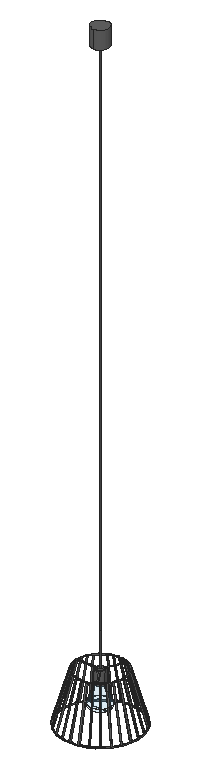
Revit family "Justerbar Lab Pendle_Kolbe_Cage", category Lighting Fixtures, Revit 2021
Family settings
  Round Connector Dimension = Use Diameter
  Part Type = Normal
  OmniClass Number = 23.80.70.00
  OmniClass Title = Lighting
  Work Plane-Based = No
  Always vertical = Yes
  Cut with Voids When Loaded = No
  Light Source = Yes
  Shared = No
  Room Calculation Point = No
Parameters
  Wattage = 9.2903 W
  built-in parameter 1150110 = 1 (stored number, unit not read)
  built-in parameter 1114217 = 1 (stored number, unit not read)
  built-in parameter 1150109 = 1 (stored number, unit not read)
  built-in parameter 1150134 = (empty or 0)
  built-in parameter 1150113 = 1 (stored number, unit not read)
  Spredning = "120"
  MacAdams = "< 3 SCDM"
  Lyskilde = "LED"
  Lumens = 1380 lm
  built-in parameter 1150115 = 1 (stored number, unit not read)
  built-in parameter 1150105 = 109.82 (stored number, unit not read)
  Lumen = "660lm"
  Light Source Symbol Size = 609.6 mm
  built-in parameter 1150137 = (empty or 0)
  built-in parameter 1150139 = (empty or 0)
  Levetid = "L70 50.000 timer"
  Level Heigth [instance] = 5000 mm
  built-in parameter 1150112 = 1 (stored number, unit not read)
  built-in parameter 1150114 = 1 (stored number, unit not read)
  Kjøle metode = "Passiv"
  built-in parameter 1150132 = 2
  built-in parameter 1150102 = (empty or 0)
  built-in parameter 1150138 = (empty or 0)
  built-in parameter 1150107 = 3000 (stored number, unit not read)
  built-in parameter 1150106 = 1.0982 (stored number, unit not read)
  Frekvens Sekundærkilde = "1000 Hz"
  Frekvens = "50-60 Hz"
  Floor thickness [instance] = 250 mm
  Fargetemperatur = "2700K, 3000K,eller DW"
  Farger = "Sort"
  built-in parameter 1150104 = 13.8 (stored number, unit not read)
  Effekt = "6W"
  Driftspenning = "220-240V"
  Dist.floor [instance] = 1500 mm
  Dimming Lamp Color Temperature Shift = <None>
  Dimbar = "Dali eller Triac"
  Default Elevation = 0 mm
  Color Filter = 16777215
  CRI = ">90"
  Beskyttelsesgrad = "IP20"
  built-in parameter 1114218 = 1 (stored number, unit not read)
  built-in parameter 1150133 = 10 (stored number, unit not read)
Reference planes
  plane 1 "Light Source Axis (F/B)": y = 0
  plane 2: z = 0
  plane 3 "Light Source Axis (L/R)": x = 0
  plane 4 "Light Source Elevation": z = 753.792
  plane 5: z = 5000
  plane 6: z = 1941
  plane 7: z = 4750
  plane 8: z = 4660
  plane 9: z = 4653
  plane 10: z = 1600
  plane 11: z = 1500
Forms (mm)
  Extrusion 1, solid, material "Default New Material"
    sketch origin (0, 0, 620.212) x (0, 1, 0) y (-1, 0, 0)
      loop
        circle (0, 0) r 42.5
    from 4039.788 to 4129.788
  Extrusion 2, solid, material "Default New Material"
    sketch origin (0, 0, 620.212) x (0, 1, 0) y (-1, 0, 0)
      loop
        circle (0, 0) r 6
    from 4032.788 to 4039.788
  Extrusion 3, solid, material "Default New Material"
    sketch origin (0, 0, 620.212) x (0, 1, 0) y (-1, 0, 0)
      loop
        circle (0, 0) r 2.031
    from 1320.788 to 4032.788
Dimensions and locks
  "Floor thickness": plane 5 to plane 7
  locked: plane 7 to plane 8 at 90
  locked: plane 8 to plane 9 at 7
  locked: plane 6 to plane 10 at 341
  "Level Heigth": plane 5 to plane 2
  locked: plane 10 to plane 11 at 100
  "Dist.floor": plane 11 to plane 2
  aligned and locked: plane 3 "Light Source Axis (L/R)" to imposter light
  aligned and locked: plane 1 "Light Source Axis (F/B)" to imposter light
  aligned and locked: level to plane 2
  aligned and locked: plane 7 to Extrusion 1
  aligned and locked: plane 8 to Extrusion 1
  aligned and locked: plane 9 to Extrusion 2
  aligned and locked: plane 8 to Extrusion 2
  aligned and locked: plane 6 to nested 2
  aligned and locked: Extrusion 3 to plane 6
  aligned and locked: plane 9 to Extrusion 3
  aligned and locked: nested 3 to nested 2
  aligned and locked: plane 10 to imposter light
  aligned and locked: imposter light to nested 2
  aligned and locked: plane 11 to nested 3
Automatic sketch dimensions
  plane 1 "Light Source Axis (F/B)" to Extrusion 1 sketch curve = 0 mm
  Extrusion 1 sketch curve to plane 3 "Light Source Axis (L/R)" = 0 mm
  plane 1 "Light Source Axis (F/B)" to Extrusion 2 sketch curve = 0 mm
  Extrusion 2 sketch curve to plane 3 "Light Source Axis (L/R)" = 0 mm
  plane 1 "Light Source Axis (F/B)" to Extrusion 3 sketch curve = 0 mm
  Extrusion 3 sketch curve to plane 3 "Light Source Axis (L/R)" = 0 mm
  radius of Extrusion 1 sketch curve = 42.5 mm
  radius of Extrusion 2 sketch curve = 6 mm
  radius of Extrusion 3 sketch curve = 2.031 mm
Nested families
  nested 1: "2D tegn" at (0, 0, 0), type "2D tegn"
  nested 2: "Family1" at (0, 0, 100), type "Family1"
  nested 3: "Family2" at (0, 0, 2192), type "Family2"
Definition of nested family "Family1"
  Parameters
    Wattage = 9.2903 W
    built-in parameter 1150110 = 1 (stored number, unit not read)
    built-in parameter 1114217 = 1 (stored number, unit not read)
    built-in parameter 1150109 = 1 (stored number, unit not read)
    built-in parameter 1150134 = (empty or 0)
    built-in parameter 1150113 = 1 (stored number, unit not read)
    Lumens = 1380 lm
    built-in parameter 1150115 = 1 (stored number, unit not read)
    built-in parameter 1150105 = 109.82 (stored number, unit not read)
    Light Source Symbol Size = 609.6 mm
    built-in parameter 1150137 = (empty or 0)
    built-in parameter 1150139 = (empty or 0)
    built-in parameter 1150112 = 1 (stored number, unit not read)
    built-in parameter 1150114 = 1 (stored number, unit not read)
    built-in parameter 1150132 = 2
    built-in parameter 1150102 = (empty or 0)
    built-in parameter 1150138 = (empty or 0)
    built-in parameter 1150107 = 3000 (stored number, unit not read)
    built-in parameter 1150106 = 1.0982 (stored number, unit not read)
    built-in parameter 1150104 = 13.8 (stored number, unit not read)
    Dimming Lamp Color Temperature Shift = (empty or 0)
    Default Elevation = 0 mm
    Color Filter = 16777215
    built-in parameter 1114218 = 1 (stored number, unit not read)
    built-in parameter 1150133 = 10 (stored number, unit not read)
  Reference planes
    plane 1 "Light Source Axis (F/B)": y = 0
    plane 2: z = 0
    plane 3 "Light Source Axis (L/R)": x = 0
    plane 4 "Light Source Elevation": z = 1500
    plane 5: z = 1499.864
  Forms (mm)
    Extrusion 1, solid
      sketch origin (0, 0, 2092) x (0, 1, 0) y (-1, 0, 0)
        loop
          circle (0, 0) r 3.032
      from -428 to -251
    Extrusion 2, solid
      sketch origin (0, 0, 2092) x (0, 1, 0) y (-1, 0, 0)
        loop
          circle (0, 0) r 15
      from -435 to -428
    Revolve 3, solid
      sketch origin (0, 0, -1908) x (1, 0, 0) y (0, 0, 1)
        loop
          line (25, 3565) -> (21.832, 3565) -> (0, 3565) -> (0, 3533.682) -> (21.832, 3533.682) -> (21.832, 3499) -> (25, 3499) -> (25, 3565)
        axis (0, 3499) -> (0, 3565)
      angle from 0 to 360
    Revolve 4, solid
      sketch origin (0, 0, -1908) x (1, 0, 0) y (0, 0, 1)
        loop
          line (0, 3532.984) -> (0, 3498.964) -> (21.729, 3498.964) -> (21.729, 3532.984) -> (0, 3532.984)
        axis (0, 3498.964) -> (0, 3532.984)
      angle from 0 to 360
    Revolve 5, solid
      sketch origin (0, 0, -1908) x (1, 0, 0) y (0, 0, 1)
        loop
          spline (0, 3380) -> (9.759, 3379.792) -> (18.614, 3380.047) -> (26.567, 3380.763) -> (33.616, 3381.941) -> (39.762, 3383.582) -> (45.006, 3385.684) -> (49.346, 3388.248) -> (52.783, 3391.275) -> (55.317, 3394.763) -> (56.948, 3398.713) -> (57.675, 3403.126) -> (57.5, 3408)
          line (57.5, 3408) -> (21.729, 3499) -> (20.655, 3499) -> (56.479, 3407.864)
          spline (56.479, 3407.864) -> (56.652, 3403.176) -> (55.962, 3398.977) -> (54.415, 3395.235) -> (52.01, 3391.922) -> (48.726, 3389.033) -> (44.536, 3386.564) -> (39.419, 3384.517) -> (33.373, 3382.903) -> (26.405, 3381.735) -> (18.518, 3381.024) -> (9.716, 3380.771) -> (0, 3380.979)
          line (0, 3380.979) -> (0, 3380)
        axis (0, 3380) -> (0, 3499)
      angle from 0 to 360
  Dimensions and locks
    locked: Revolve 5 sketch curve to Revolve 5 sketch curve at 63.955
    locked: Revolve 5 sketch curve to Revolve 5 sketch curve at 120.968
    aligned and locked: plane 3 "Light Source Axis (L/R)" to imposter light
    aligned and locked: plane 1 "Light Source Axis (F/B)" to imposter light
    aligned and locked: plane 4 "Light Source Elevation" to imposter light
    aligned and locked: level to plane 2
    aligned and locked: plane 5 to Revolve 5
    aligned and locked: Extrusion 1 to Extrusion 2
    aligned and locked: Extrusion 2 to Revolve 3
    aligned and locked: Revolve 3 to Revolve 5 sketch curve
Definition of nested family "Family2"
  Parameters
    Default Elevation = 0 mm
  Reference planes
    plane 1 "Center (Front/Back)": y = 0
    plane 2: z = 0
    plane 3 "Center (Left/Right)": x = 0
  Forms (mm)
    Extrusion 1, solid
      sketch origin (0, 0, -4007) x (1, 0, 0) y (0, 0, 1)
        loop
          line (199.714, 3319.224) -> (124.714, 3572) -> (121.195, 3572) -> (196.195, 3319.224) -> (199.714, 3319.224)
      from -2.416 to 2.821
    Revolve 2, solid
      sketch origin (0, 0, -4007) x (1, 0, 0) y (0, 0, 1)
        loop
          line (199.714, 3319.224) -> (196.181, 3319.224) -> (196.181, 3315) -> (199.714, 3315) -> (199.714, 3319.224)
        axis (0, 3315) -> (0, 3319.224)
      angle from 0 to 360
    Revolve 3, solid
      sketch origin (0, 0, -4007) x (1, 0, 0) y (0, 0, 1)
        loop
          line (124.714, 3572) -> (124.714, 3575) -> (121.21, 3575) -> (121.21, 3572) -> (124.714, 3572)
        axis (0, 3572) -> (0, 3575)
      angle from 0 to 360
    Extrusion 4, solid
      sketch origin (0, 0, -4007) x (-1, 0, 0) y (0, 0, 1)
        loop
          line (199.714, 3319.224) -> (124.714, 3572) -> (121.195, 3572) -> (196.195, 3319.224) -> (199.714, 3319.224)
      from -2.416 to 2.821
    Extrusion 5, solid
      sketch origin (0, 0, -4007) x (0.974928, -0.222521, 0) y (0, 0, 1)
        loop
          line (199.714, 3319.224) -> (124.714, 3572) -> (121.195, 3572) -> (196.195, 3319.224) -> (199.714, 3319.224)
      from -2.416 to 2.821
    Extrusion 6, solid
      sketch origin (0, 0, -4007) x (0.900969, -0.433884, 0) y (0, 0, 1)
        loop
          line (199.714, 3319.224) -> (124.714, 3572) -> (121.195, 3572) -> (196.195, 3319.224) -> (199.714, 3319.224)
      from -2.416 to 2.821
    Extrusion 7, solid
      sketch origin (0, 0, -4007) x (0.781831, -0.62349, 0) y (0, 0, 1)
        loop
          line (199.714, 3319.224) -> (124.714, 3572) -> (121.195, 3572) -> (196.195, 3319.224) -> (199.714, 3319.224)
      from -2.416 to 2.821
    Extrusion 8, solid
      sketch origin (0, 0, -4007) x (0.62349, -0.781831, 0) y (0, 0, 1)
        loop
          line (199.714, 3319.224) -> (124.714, 3572) -> (121.195, 3572) -> (196.195, 3319.224) -> (199.714, 3319.224)
      from -2.416 to 2.821
    Extrusion 9, solid
      sketch origin (0, 0, -4007) x (0.433884, -0.900969, 0) y (0, 0, 1)
        loop
          line (199.714, 3319.224) -> (124.714, 3572) -> (121.195, 3572) -> (196.195, 3319.224) -> (199.714, 3319.224)
      from -2.416 to 2.821
    Extrusion 10, solid
      sketch origin (0, 0, -4007) x (0.222521, -0.974928, 0) y (0, 0, 1)
        loop
          line (199.714, 3319.224) -> (124.714, 3572) -> (121.195, 3572) -> (196.195, 3319.224) -> (199.714, 3319.224)
      from -2.416 to 2.821
    Extrusion 11, solid
      sketch origin (0, 0, -4007) x (0, -1, 0) y (0, 0, 1)
        loop
          line (199.714, 3319.224) -> (124.714, 3572) -> (121.195, 3572) -> (196.195, 3319.224) -> (199.714, 3319.224)
      from -2.416 to 2.821
    Extrusion 12, solid
      sketch origin (0, 0, -4007) x (-0.222521, -0.974928, 0) y (0, 0, 1)
        loop
          line (199.714, 3319.224) -> (124.714, 3572) -> (121.195, 3572) -> (196.195, 3319.224) -> (199.714, 3319.224)
      from -2.416 to 2.821
    Extrusion 13, solid
      sketch origin (0, 0, -4007) x (-0.433884, -0.900969, 0) y (0, 0, 1)
        loop
          line (199.714, 3319.224) -> (124.714, 3572) -> (121.195, 3572) -> (196.195, 3319.224) -> (199.714, 3319.224)
      from -2.416 to 2.821
    Extrusion 14, solid
      sketch origin (0, 0, -4007) x (-0.62349, -0.781831, 0) y (0, 0, 1)
        loop
          line (199.714, 3319.224) -> (124.714, 3572) -> (121.195, 3572) -> (196.195, 3319.224) -> (199.714, 3319.224)
      from -2.416 to 2.821
    Extrusion 15, solid
      sketch origin (0, 0, -4007) x (-0.781831, -0.62349, 0) y (0, 0, 1)
        loop
          line (199.714, 3319.224) -> (124.714, 3572) -> (121.195, 3572) -> (196.195, 3319.224) -> (199.714, 3319.224)
      from -2.416 to 2.821
    Extrusion 16, solid
      sketch origin (0, 0, -4007) x (-0.900969, -0.433884, 0) y (0, 0, 1)
        loop
          line (199.714, 3319.224) -> (124.714, 3572) -> (121.195, 3572) -> (196.195, 3319.224) -> (199.714, 3319.224)
      from -2.416 to 2.821
    Extrusion 17, solid
      sketch origin (0, 0, -4007) x (-0.974928, -0.222521, 0) y (0, 0, 1)
        loop
          line (199.714, 3319.224) -> (124.714, 3572) -> (121.195, 3572) -> (196.195, 3319.224) -> (199.714, 3319.224)
      from -2.416 to 2.821
    Extrusion 18, solid
      sketch origin (0, 0, -4007) x (0.974928, 0.222521, 0) y (0, 0, -1)
        loop
          line (199.714, -3319.224) -> (196.195, -3319.224) -> (121.195, -3572) -> (124.714, -3572) -> (199.714, -3319.224)
      from -2.416 to 2.821
    Extrusion 19, solid
      sketch origin (0, 0, -4007) x (0.900969, 0.433884, 0) y (0, 0, -1)
        loop
          line (199.714, -3319.224) -> (196.195, -3319.224) -> (121.195, -3572) -> (124.714, -3572) -> (199.714, -3319.224)
      from -2.416 to 2.821
    Extrusion 20, solid
      sketch origin (0, 0, -4007) x (0.781831, 0.62349, 0) y (0, 0, -1)
        loop
          line (199.714, -3319.224) -> (196.195, -3319.224) -> (121.195, -3572) -> (124.714, -3572) -> (199.714, -3319.224)
      from -2.416 to 2.821
    Extrusion 21, solid
      sketch origin (0, 0, -4007) x (0.62349, 0.781831, 0) y (0, 0, -1)
        loop
          line (199.714, -3319.224) -> (196.195, -3319.224) -> (121.195, -3572) -> (124.714, -3572) -> (199.714, -3319.224)
      from -2.416 to 2.821
    Extrusion 22, solid
      sketch origin (0, 0, -4007) x (0.433884, 0.900969, 0) y (0, 0, -1)
        loop
          line (199.714, -3319.224) -> (196.195, -3319.224) -> (121.195, -3572) -> (124.714, -3572) -> (199.714, -3319.224)
      from -2.416 to 2.821
    Extrusion 23, solid
      sketch origin (0, 0, -4007) x (0.222521, 0.974928, 0) y (0, 0, -1)
        loop
          line (199.714, -3319.224) -> (196.195, -3319.224) -> (121.195, -3572) -> (124.714, -3572) -> (199.714, -3319.224)
      from -2.416 to 2.821
    Extrusion 24, solid
      sketch origin (0, 0, -4007) x (0, 1, 0) y (0, 0, -1)
        loop
          line (199.714, -3319.224) -> (196.195, -3319.224) -> (121.195, -3572) -> (124.714, -3572) -> (199.714, -3319.224)
      from -2.416 to 2.821
    Extrusion 25, solid
      sketch origin (0, 0, -4007) x (-0.222521, 0.974928, 0) y (0, 0, -1)
        loop
          line (199.714, -3319.224) -> (196.195, -3319.224) -> (121.195, -3572) -> (124.714, -3572) -> (199.714, -3319.224)
      from -2.416 to 2.821
    Extrusion 26, solid
      sketch origin (0, 0, -4007) x (-0.433884, 0.900969, 0) y (0, 0, -1)
        loop
          line (199.714, -3319.224) -> (196.195, -3319.224) -> (121.195, -3572) -> (124.714, -3572) -> (199.714, -3319.224)
      from -2.416 to 2.821
    Extrusion 27, solid
      sketch origin (0, 0, -4007) x (-0.62349, 0.781831, 0) y (0, 0, -1)
        loop
          line (199.714, -3319.224) -> (196.195, -3319.224) -> (121.195, -3572) -> (124.714, -3572) -> (199.714, -3319.224)
      from -2.416 to 2.821
    Extrusion 28, solid
      sketch origin (0, 0, -4007) x (-0.781831, 0.62349, 0) y (0, 0, -1)
        loop
          line (199.714, -3319.224) -> (196.195, -3319.224) -> (121.195, -3572) -> (124.714, -3572) -> (199.714, -3319.224)
      from -2.416 to 2.821
    Extrusion 29, solid
      sketch origin (0, 0, -4007) x (-0.900969, 0.433884, 0) y (0, 0, -1)
        loop
          line (199.714, -3319.224) -> (196.195, -3319.224) -> (121.195, -3572) -> (124.714, -3572) -> (199.714, -3319.224)
      from -2.416 to 2.821
    Extrusion 30, solid
      sketch origin (0, 0, -4007) x (-0.974928, 0.222521, 0) y (0, 0, -1)
        loop
          line (199.714, -3319.224) -> (196.195, -3319.224) -> (121.195, -3572) -> (124.714, -3572) -> (199.714, -3319.224)
      from -2.416 to 2.821
    Revolve 31, solid
      sketch origin (0, 0, -4000) x (1, 0, 0) y (0, 0, 1)
        loop
          line (15.569, 3568) -> (15.569, 3565) -> (20.535, 3565) -> (20.535, 3568) -> (15.569, 3568)
        axis (0, 3565) -> (0, 3568)
      angle from 0 to 360
    Extrusion 32, solid
      sketch origin (0, 0, 0) x (0, 1, 0) y (-1, 0, 0)
        loop
          arc (2.821, 121.1) -> (0.321, 121.21) -> (-2.179, 121.124) r 31.898
          line (-2.179, 121.124) -> (-2.179, 20.419)
          arc (-2.179, 20.419) -> (0.323, 20.533) -> (2.821, 20.341) r 20.535
          line (2.821, 20.341) -> (2.821, 121.1)
      from -435 to -432.376
    Extrusion 33, solid
      sketch origin (0, 0, 0) x (0.90102, -0.433778, 0) y (0.433778, 0.90102, 0)
        loop
          arc (2.821, 121.1) -> (0.321, 121.21) -> (-2.179, 121.124) r 31.898
          line (-2.179, 121.124) -> (-2.179, 20.419)
          arc (-2.179, 20.419) -> (0.323, 20.533) -> (2.821, 20.341) r 20.535
          line (2.821, 20.341) -> (2.821, 121.1)
      from -435 to -432.376
    Extrusion 34, solid
      sketch origin (0, 0, 0) x (-0.837007, -0.547192, 0) y (0.547192, -0.837007, 0)
        loop
          arc (2.821, 121.1) -> (0.321, 121.21) -> (-2.179, 121.124) r 31.898
          line (-2.179, 121.124) -> (-2.179, 20.419)
          arc (-2.179, 20.419) -> (0.323, 20.533) -> (2.821, 20.341) r 20.535
          line (2.821, 20.341) -> (2.821, 121.1)
      from -435 to -432.376
  Dimensions and locks
    aligned and locked: level to plane 2
Definition of nested family "2D tegn"
  Reference planes
    plane 1: y = 0
    plane 2: x = 0
  Lines and regions (mm)
    detail lines
      curve 1: circle (0, 0, 0) r 5 normal (0, 0, 1)
      curve 2: line (-3.536, -3.536, 0) -> (3.536, 3.536, 0)
      curve 3: line (3.536, -3.536, 0) -> (-3.536, 3.536, 0)
